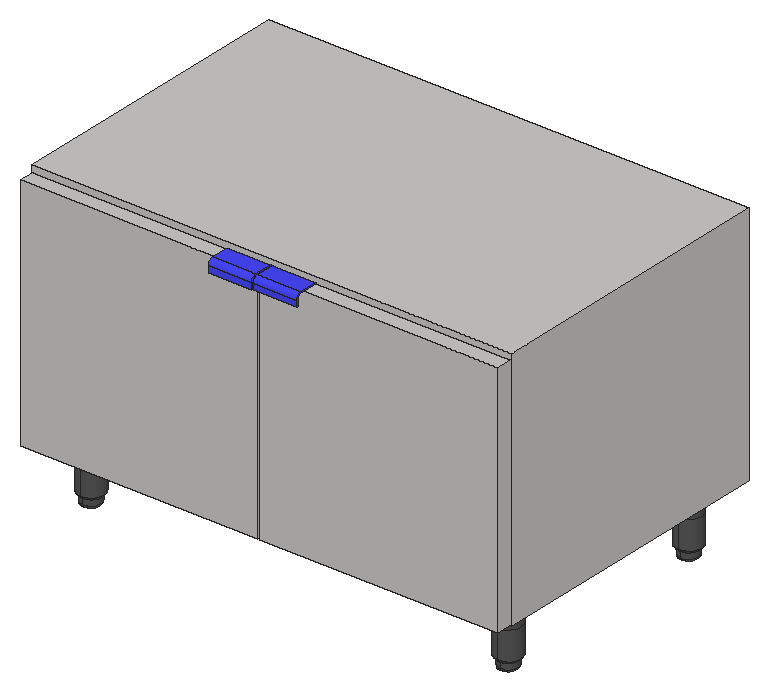
Revit family "QF_CAPIC_AVEN_W543044", category Equipement spécialisé, Revit 2018
Family settings
  Cote de connecteur circulaire = Utiliser le diamètre
  Type d'élément = Normal
  Numéro OmniClass = 23.40.40.14
  Titre OmniClass = Food Service Equipment
  Basée sur le plan de construction = Non
  Toujours verticalement = Oui
  Couper avec des vides une fois chargée = Non
  Partagée = Non
  Point de calcul de pièce = Non
Parameters (values of type "1000 mm")
  profondeur porte ouverte = 630 mm + Longueur hors tout / 2  # 1130 mm
  URL catalogue = "http://www.capic-fr.com/fr/"
  Type de Raccord Plomberie [instance] = ""
  Type de Raccord Electrique [instance] = "Bornier interne"
  Type de Gaz = ""
  Type article [instance] = ""
  Tension = 400 V
  Spécification du Fabricant = ""
  Show Logo = yes
  Remarques evacuation [instance] = ""
  Remarques Plomberie [instance] = ""
  Remarques Electricité [instance] = "400Vx3 +T"
  Puissance électrique  = 2100 W
  Puissance Gaz kW = 0
  Profondeur hors tout = 671 mm
  Pression Maximum Eau Adoucie = 0.0 Pa
  Poids net à vide = 80.00 kg
  Phase = 0
  Modèle = "W543044"
  Longueur hors tout = 1000 mm
  Intensité nominale = 0 A
  Hauteur hors tout = 638 mm
  Hauteur de Raccordement du Sol Finis = 211 mm
  Hauteur de Raccordement Gaz du Sol Finis = 0 mm
  Hauteur de Raccordement Evacuation Directe du Sol Finis = 0 mm
  Hauteur de Raccordement Eau Froide du Sol Finis = 0 mm
  Hauteur de Raccordement Eau Chaude du Sol Finis = 0 mm
  Hauteur de Raccordement Eau Adoucie du Sol Finis = 0 mm
  Fréquence = 50 Hz
  Fabricant = "CAPIC"
  Etagere intermédiaire (option) [instance] = no
  Débit d'air d'extraction = 0.0 m³/h
  Débit Gaz = 0.0 L/s
  Débit Eau Froide = 0.0 L/s
  Débit Eau Chaude = 0.0 L/s
  Débit Eau Adoucie = 0.0 L/s
  Diamètre de Raccordement Gaz = 0 mm
  Diamètre de Raccordement Evacuation = 0 mm
  Diamètre de Raccordement Eau Froide = 0 mm
  Diamètre de Raccordement Eau Chaude = 0 mm
  Diamètre de Raccordement Eau Adoucie = 0 mm
  Description = "Placard chauffant"
  Assembly Code = ""
  Classification  Omniclass nombre et titre = "23.40.40.14"
Reference planes
  plane 1 "Centre (avant/arrière)": y = 0
  plane 2: z = 0
  plane 3 "Centre (gauche/droite)": x = 0
  plane 4: x = 1000
  plane 5: y = -662
  plane 6: y = -45
  plane 7: x = 25
  plane 8: x = 975
  plane 9: y = -69
  plane 10: y = -539
  plane 11: x = 35
  plane 12: x = 965
  plane 13: x = 2
  plane 14: x = 998
  plane 15: y = -694.5
  plane 16: z = 627
  plane 17: y = -712
  plane 18: z = 625
  plane 19: y = -710
  plane 20: z = 603
  plane 21: x = 408
  plane 22: y = -1175
  plane 23: x = 500
  plane 24: x = 498
  plane 25: x = 502
  plane 26: x = 592
  plane 27: y = -678.25
Forms (mm)
  Extrusion 1, solid, material "QF_Stainless Steel-Brushed"
    sketch origin (0, 0, 0) x (1, 0, 0) y (0, 1, 0)
      loop
        line (0, -45) -> (0, -662) -> (1000, -662) -> (1000, -45) -> (0, -45)
    from 130 to 638
  Extrusion 2, void
    sketch origin (0, 0, 0) x (1, 0, 0) y (0, 1, 0)
      loop
        line (35, -69) -> (35, -662) -> (965, -662) -> (965, -69) -> (35, -69)
    from 175 to 608
  Extrusion 3, solid, material "QF_Stainless Steel-Brushed", visible <- "Etagere intermédiaire (option)"
    sketch origin (0, 0, 0) x (1, 0, 0) y (0, 1, 0)
      loop
        line (35, -69) -> (35, -662) -> (965, -662) -> (965, -69) -> (35, -69)
    from 370 to 400
  Extrusion 4, solid, material "QF_Stainless Steel-Brushed"
    sketch origin (0, 0, 0) x (1, 0, 0) y (0, 1, 0)
      loop
        line (2, -662) -> (2, -694.5) -> (498, -694.5) -> (498, -662) -> (2, -662)
    from 130 to 625
  Extrusion 5, solid, material "QF_Metal Sheet-Blue"
    sketch origin (0, 0, 0) x (0, 1, 0) y (0, 0, 1)
      loop
        line (-662, 627) -> (-700, 627)
        arc (-700, 627) -> (-708.485, 623.485) -> (-712, 615) r 12
        line (-712, 615) -> (-712, 603) -> (-710, 603) -> (-710, 615)
        arc (-710, 615) -> (-707.071, 622.071) -> (-700, 625) r 10
        line (-700, 625) -> (-662, 625) -> (-662, 627)
    from 498 to 408
  Extrusion 6, solid, material "QF_Metal Sheet-Blue"
    sketch origin (252, 0, 0) x (0, 1, 0) y (0, 0, 1)
      loop
        line (-662, 627) -> (-700, 627)
        arc (-700, 627) -> (-708.485, 623.485) -> (-712, 615) r 12
        line (-712, 615) -> (-712, 603) -> (-710, 603) -> (-710, 615)
        arc (-710, 615) -> (-707.071, 622.071) -> (-700, 625) r 10
        line (-700, 625) -> (-662, 625) -> (-662, 627)
    from 340 to 250
  Extrusion 7, solid, material "QF_Stainless Steel-Brushed"
    sketch origin (430, 0, 0) x (1, 0, 0) y (0, 1, 0)
      loop
        line (72, -662) -> (72, -694.5) -> (568, -694.5) -> (568, -662) -> (72, -662)
    from 130 to 625
Cuts and joins
  Extrusion 2 cuts Extrusion 1
Lines and regions (mm)
  symbolic lines, style "SpecialityEquipmentHiddenLines", detail levels medium+fine
    curve 1: arc (998, -1175, 0) -> (652.538, -1035.204, 0) -> (501.516, -694.5, 0) r 496.75
    curve 4: arc (2, -1175, 0) -> (347.462, -1035.204, 0) -> (498.484, -694.5, 0) r 496.75
  symbolic lines, detail levels medium+fine
    curve 2: line (998, -1175, 0) -> (998, -694.5, 0)
    curve 3: line (2, -678.25, 0) -> (2, -1175, 0)
Dimensions and locks
  "Longueur hors tout": plane 3 "Centre (gauche/droite)" to plane 4
  plane 5 to plane 6 to plane 1 "Centre (avant/arrière)" = 617 mm locked, 45 mm locked
  plane 6 to plane 9 to plane 10 = 24 mm locked, 470 mm locked
  locked: plane 3 "Centre (gauche/droite)" to plane 7 at 25
  locked: plane 8 to plane 4 at 25
  locked: plane 3 "Centre (gauche/droite)" to plane 11 at 35
  locked: plane 12 to plane 4 at 35
  locked: plane 3 "Centre (gauche/droite)" to plane 13 at 2
  locked: plane 14 to plane 4 at 2
  locked: plane 5 to plane 15 at 32.5
  locked: plane 16 to plane 18 at 2
  locked: plane 19 to plane 17 at 2
  locked: plane 5 to plane 17 at 50
  locked: plane 16 to plane 20 at 24
  "profondeur porte ouverte": plane 6 to plane 22
  equal spacing: plane 3 "Centre (gauche/droite)", plane 23, plane 4
  locked: plane 23 to plane 25 at 2
  locked: plane 24 to plane 23 at 2
  locked: plane 21 to plane 24 at 90
  locked: plane 25 to plane 26 at 90
  aligned and locked: level to plane 2
  aligned and locked: plane 9 to nested 1
  aligned and locked: nested 1 to plane 7
  aligned and locked: plane 10 to nested 2
  aligned and locked: nested 2 to plane 7
  aligned and locked: plane 8 to nested 3
  aligned and locked: nested 3 to plane 9
  aligned and locked: plane 8 to nested 4
  aligned and locked: nested 4 to plane 10
  aligned and locked: Extrusion 2 sketch curve to plane 9
  aligned and locked: plane 11 to Extrusion 2 sketch curve
  aligned and locked: plane 5 to Extrusion 2 sketch curve
  aligned and locked: Extrusion 2 sketch curve to plane 12
  aligned and locked: Extrusion 4 sketch curve to plane 5
  aligned and locked: plane 13 to Extrusion 4 sketch curve
  aligned and locked: plane 15 to Extrusion 4 sketch curve
  aligned and locked: Extrusion 5 sketch curve to plane 16
  aligned and locked: plane 18 to Extrusion 5 sketch curve
  aligned and locked: Extrusion 5 sketch curve to plane 5
  aligned and locked: plane 20 to Extrusion 5 sketch curve
  aligned and locked: plane 19 to Extrusion 5 sketch curve
  aligned and locked: plane 21 to Extrusion 5
  aligned and locked: plane 24 to Extrusion 4
  aligned and locked: plane 24 to Extrusion 5
  aligned and locked: Extrusion 6 to plane 25
  aligned and locked: plane 26 to Extrusion 6
  aligned and locked: Extrusion 7 to plane 25
  aligned and locked: plane 14 to Extrusion 7
Automatic sketch dimensions
  Extrusion 1 sketch curve to plane 3 "Centre (gauche/droite)" = 0 mm
  Extrusion 1 sketch curve to plane 4 = 0 mm
  Extrusion 1 sketch curve to plane 5 = 0 mm
  Extrusion 1 sketch curve to plane 6 = 0 mm
  Extrusion 3 sketch curve to plane 5 = 0 mm
  Extrusion 3 sketch curve to plane 11 = 0 mm
  Extrusion 3 sketch curve to plane 12 = 0 mm
  Extrusion 3 sketch curve to plane 9 = 0 mm
  Extrusion 4 sketch curve to plane 24 = 0 mm
  Extrusion 5 sketch curve to Extrusion 5 sketch curve = 0 mm  (x2)
  Extrusion 5 sketch curve to plane 15 = 5.5 mm
  Extrusion 6 sketch curve to Extrusion 6 sketch curve = 0 mm  (x2)
  Extrusion 6 sketch curve to plane 17 = 0 mm
  Extrusion 6 sketch curve to plane 19 = 0 mm
  Extrusion 6 sketch curve to plane 18 = 0 mm
  Extrusion 6 sketch curve to plane 5 = 0 mm
  Extrusion 6 sketch curve to plane 20 = 0 mm
  Extrusion 6 sketch curve to plane 15 = 5.5 mm
  Extrusion 7 sketch curve to plane 15 = 0 mm
  Extrusion 7 sketch curve to plane 5 = 0 mm
  plane 25 to Extrusion 7 sketch curve = 0 mm
  Extrusion 7 sketch curve to plane 4 = 2 mm
  curve 4 to plane 13 = 0 mm
  curve 4 to plane 15 = 0 mm
  curve 1 to plane 15 = 0 mm
  curve 2 to plane 14 = 0 mm
  curve 1 to plane 22 = 0 mm
  curve 3 to plane 22 = 0 mm
  plane 15 to curve 2 = 0 mm
  plane 27 to curve 4 = 0 mm
  plane 27 to curve 3 = 0 mm
  plane 27 to curve 1 = 0 mm
Nested families
  nested 1: "QF_Details_Pied" at (13.5, -119, 0) x (0, -1, 0) z (0, 0, 1), type "QF_Details_Pied"
  nested 2: "QF_Details_Pied" at (13.5, -589, 0) x (0, -1, 0) z (0, 0, 1), type "QF_Details_Pied"
  nested 3: "QF_Details_Pied" at (883.5, -119, 0) x (0, -1, 0) z (0, 0, 1), type "QF_Details_Pied"
  nested 4: "QF_Details_Pied" at (883.5, -589, 0) x (0, -1, 0) z (0, 0, 1), type "QF_Details_Pied"
Definition of nested family "QF_Details_Pied"
  Reference planes
    plane 1 "Centre (avant/arrière)": y = 0
    plane 2: z = 0
    plane 3 "Centre (gauche/droite)": x = 0
  Forms (mm)
    Extrusion 1, solid
      sketch origin (-137.492, 51.5, -340.756) x (1, 0, 0) y (0, 0, 1)
        loop
          line (87.492, 481.756) -> (87.492, 472.756) -> (187.492, 472.756) -> (187.492, 481.756) -> (87.492, 481.756)
      from -40 to 40
    Revolve 2, solid
      sketch origin (0, 51.5, -9) x (1, 0, 0) y (0, 0, 1)
        loop
          line (0, 141) -> (0, 9) -> (19.21, 9) -> (19.21, 13) -> (20.21, 13) -> (20.21, 26) -> (21.71, 26) -> (26.66, 30.95) -> (26.66, 90.95) -> (31.468, 136.698) -> (36.246, 141) -> (0, 141)
        axis (0, 141) -> (0, 9)
      angle from 0 to 360
  Dimensions and locks
    aligned and locked: level to plane 2
    aligned and locked: Extrusion 1 to Revolve 2 sketch curve
